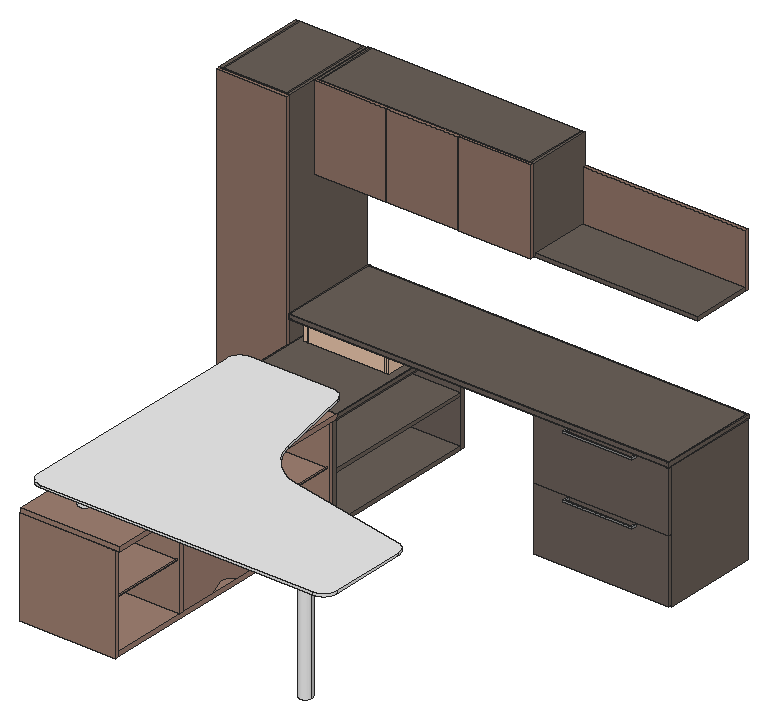
Revit family "T100240", category Furniture Systems, Revit 2022 (continued)
Definition of nested family "OFS STAKS HEIGHT ADJUSTABLE SWEEP TOP DESK 68x60 Top 22D Cabinet"
  Definition of nested family "APTOS SWEEP ELEVATED RUNOFF WORKSURFACE LEFT - WOOD TOP for 18D Cabinets"
    Dimensions and locks (in)
      "Depth": plane 5 "Front End" to plane 1 "Back End"
      equal spacing: plane 4 "Left End", plane 3 "Center Left/Right", plane 6 "Right End"
      "Width": plane 4 "Left End" to plane 6 "Right End"
      equal spacing: plane 5 "Front End", plane 9 "Center Front/Back", plane 1 "Back End"
      aligned and locked: level to plane 2
      aligned and locked: plane 7 "Height Top" to Extrusion 1
      aligned and locked: Extrusion 1 to plane 8
      aligned and locked: plane 7 "Height Top" to Extrusion 5
      aligned and locked: Extrusion 5 to plane 8
      aligned and locked: plane 7 "Height Top" to Extrusion 9
      aligned and locked: Extrusion 9 to plane 8
    Automatic sketch dimensions
      Extrusion 1 sketch curve to Extrusion 1 sketch curve = 0' - 2.92379"
      Extrusion 1 sketch curve to Extrusion 1 sketch curve = 0' - 3"  (x4)
      Extrusion 1 sketch curve to Extrusion 1 sketch curve = 0' - 9.59505"
      Sweep 2 sketch curve to profile plane = 0' - 0"  (x2)
      Sweep 2 sketch curve to profile plane = 0' - 2"
      Sweep 2 sketch curve to profile plane = 0' - 0 11/16"
      Extrusion 1 sketch curve to Extrusion 1 sketch curve = 1' - 6.06367"
      Extrusion 1 sketch curve to Extrusion 1 sketch curve = 0' - 2.20497"
      Extrusion 1 sketch curve to Extrusion 1 sketch curve = 0' - 9.49416"
      Extrusion 1 sketch curve to Extrusion 1 sketch curve = 2' - 3.31311"
      Extrusion 1 sketch curve to Extrusion 1 sketch curve = 0' - 0.55025"
      Extrusion 1 sketch curve to Extrusion 1 sketch curve = 0' - 11.69517"
      Extrusion 1 sketch curve to Extrusion 1 sketch curve = 1' - 1 105/128"
      Extrusion 1 sketch curve to Extrusion 1 sketch curve = 0' - 5.19882"
      Extrusion 1 sketch curve to Extrusion 1 sketch curve = 0' - 9.10884"
      Extrusion 1 sketch curve to Extrusion 1 sketch curve = 0' - 0 43/64"
      Extrusion 3 sketch curve to Extrusion 3 sketch curve = 0' - 2.92379"
      Extrusion 3 sketch curve to Extrusion 3 sketch curve = 0' - 3"  (x4)
      Extrusion 3 sketch curve to Extrusion 3 sketch curve = 0' - 9.59505"
      Sweep 4 sketch curve to profile plane = 0' - 0"  (x2)
      Sweep 4 sketch curve to profile plane = 0' - 2"
      Sweep 4 sketch curve to profile plane = 0' - 0 11/16"
      Extrusion 3 sketch curve to Extrusion 3 sketch curve = 1' - 6.06367"
      Extrusion 3 sketch curve to Extrusion 3 sketch curve = 0' - 2.20497"
      Extrusion 3 sketch curve to Extrusion 3 sketch curve = 0' - 9.49416"
      Extrusion 3 sketch curve to Extrusion 3 sketch curve = 2' - 3.31311"
      Extrusion 3 sketch curve to Extrusion 3 sketch curve = 0' - 0.55025"
      Extrusion 3 sketch curve to Extrusion 3 sketch curve = 0' - 11.69517"
      Extrusion 3 sketch curve to Extrusion 3 sketch curve = 1' - 1 105/128"
      Extrusion 3 sketch curve to Extrusion 3 sketch curve = 0' - 5.19882"
      Extrusion 3 sketch curve to Extrusion 3 sketch curve = 0' - 9.10884"
      Extrusion 3 sketch curve to Extrusion 3 sketch curve = 0' - 0 43/64"
      Extrusion 5 sketch curve to Extrusion 5 sketch curve = 0' - 2.91867"
      Extrusion 5 sketch curve to Extrusion 5 sketch curve = 0' - 3"  (x4)
      Sweep 6 sketch curve to profile plane = 0' - 0"
      Sweep 6 sketch curve to profile plane = 0' - 1 3/16"
      Sweep 6 sketch curve to profile plane = 0' - 2"
      Sweep 6 sketch curve to profile plane = 0' - 0 1/2"
      Extrusion 5 sketch curve to Extrusion 5 sketch curve = 1' - 6.06315"
      Extrusion 5 sketch curve to Extrusion 5 sketch curve = 0' - 3.73161"
      Extrusion 5 sketch curve to Extrusion 5 sketch curve = 0' - 9.34996"
      Extrusion 5 sketch curve to Extrusion 5 sketch curve = 2' - 1.9363"
      Extrusion 5 sketch curve to Extrusion 5 sketch curve = 0' - 0.58119"
      Extrusion 5 sketch curve to Extrusion 5 sketch curve = 0' - 11.6747"
      Extrusion 5 sketch curve to Extrusion 5 sketch curve = 1' - 1.81851"
      Extrusion 5 sketch curve to Extrusion 5 sketch curve = 0' - 5.23639"
      Extrusion 5 sketch curve to Extrusion 5 sketch curve = 0' - 8.99752"
      Extrusion 5 sketch curve to Extrusion 5 sketch curve = 1' - 3.00464"
      Extrusion 5 sketch curve to Extrusion 5 sketch curve = 0' - 2.30621"
      Extrusion 7 sketch curve to Extrusion 7 sketch curve = 0' - 2.91867"
      Extrusion 7 sketch curve to Extrusion 7 sketch curve = 0' - 3"  (x4)
      Sweep 8 sketch curve to profile plane = 0' - 0"
      Sweep 8 sketch curve to profile plane = 0' - 1 3/16"
      Sweep 8 sketch curve to profile plane = 0' - 2"
      Sweep 8 sketch curve to profile plane = 0' - 0 1/2"
      Extrusion 7 sketch curve to Extrusion 7 sketch curve = 1' - 6.06315"
      Extrusion 7 sketch curve to Extrusion 7 sketch curve = 0' - 3.73161"
      Extrusion 7 sketch curve to Extrusion 7 sketch curve = 0' - 9.34996"
      Extrusion 7 sketch curve to Extrusion 7 sketch curve = 2' - 1.9363"
      Extrusion 7 sketch curve to Extrusion 7 sketch curve = 0' - 0.58119"
      Extrusion 7 sketch curve to Extrusion 7 sketch curve = 0' - 11.6747"
      Extrusion 7 sketch curve to Extrusion 7 sketch curve = 1' - 1.81851"
      Extrusion 7 sketch curve to Extrusion 7 sketch curve = 0' - 5.23639"
      Extrusion 7 sketch curve to Extrusion 7 sketch curve = 0' - 8.99752"
      Extrusion 7 sketch curve to Extrusion 7 sketch curve = 1' - 3.00464"
      Extrusion 7 sketch curve to Extrusion 7 sketch curve = 0' - 2.30621"
      Extrusion 9 sketch curve to Extrusion 9 sketch curve = 0' - 2.94241"
      Extrusion 9 sketch curve to Extrusion 9 sketch curve = 0' - 0.58118"
      Sweep 10 sketch curve to profile plane = 0' - 1 3/16"
      Sweep 10 sketch curve to profile plane = 0' - 0"
      Sweep 10 sketch curve to profile plane = 0' - 2"
      Sweep 10 sketch curve to profile plane = 0' - 0 1/2"
      Extrusion 9 sketch curve to Extrusion 9 sketch curve = 0' - 3"  (x3)
      Extrusion 9 sketch curve to Extrusion 9 sketch curve = 1' - 6.06402"
      Extrusion 9 sketch curve to Extrusion 9 sketch curve = 0' - 3.60914"
      Extrusion 9 sketch curve to Extrusion 9 sketch curve = 0' - 9.44492"
      Extrusion 9 sketch curve to Extrusion 9 sketch curve = 2' - 1.93921"
      Extrusion 9 sketch curve to Extrusion 9 sketch curve = 0' - 0.58119"
      Extrusion 9 sketch curve to Extrusion 9 sketch curve = 0' - 11.76966"
      Extrusion 9 sketch curve to Extrusion 9 sketch curve = 1' - 4.81851"
      Extrusion 9 sketch curve to Extrusion 9 sketch curve = 0' - 5.23697"
      Extrusion 9 sketch curve to Extrusion 9 sketch curve = 0' - 9.43275"
      Extrusion 9 sketch curve to Extrusion 9 sketch curve = 1' - 5.56883"
      Extrusion 9 sketch curve to Extrusion 9 sketch curve = 0' - 2.41502"
      Extrusion 11 sketch curve to Extrusion 11 sketch curve = 0' - 2.94241"
      Extrusion 11 sketch curve to Extrusion 11 sketch curve = 0' - 0.58118"
      Sweep 12 sketch curve to profile plane = 0' - 1 3/16"
      Sweep 12 sketch curve to profile plane = 0' - 0"
      Sweep 12 sketch curve to profile plane = 0' - 2"
      Sweep 12 sketch curve to profile plane = 0' - 0 1/2"
      Extrusion 11 sketch curve to Extrusion 11 sketch curve = 0' - 3"  (x3)
      Extrusion 11 sketch curve to Extrusion 11 sketch curve = 1' - 6.06402"
      Extrusion 11 sketch curve to Extrusion 11 sketch curve = 0' - 3.60914"
      Extrusion 11 sketch curve to Extrusion 11 sketch curve = 0' - 9.44492"
      Extrusion 11 sketch curve to Extrusion 11 sketch curve = 2' - 1.93921"
      Extrusion 11 sketch curve to Extrusion 11 sketch curve = 0' - 0.58119"
      Extrusion 11 sketch curve to Extrusion 11 sketch curve = 0' - 11.76966"
      Extrusion 11 sketch curve to Extrusion 11 sketch curve = 1' - 4.81851"
      Extrusion 11 sketch curve to Extrusion 11 sketch curve = 0' - 5.23697"
      Extrusion 11 sketch curve to Extrusion 11 sketch curve = 0' - 9.43275"
      Extrusion 11 sketch curve to Extrusion 11 sketch curve = 1' - 5.56883"
      Extrusion 11 sketch curve to Extrusion 11 sketch curve = 0' - 2.41502"
  Definition of nested family "H4H"
    Parameters (values of type "H4H")
      Width = 1' - 10"
      URL = ""
      Depth = 0' - 6"
      Default Elevation = 0' - 0"
      Column Material [instance] = none
      Board Material [instance] = none
      Model = ""
      Manufacturer = ""
      Leg Caps Material [instance] = none
      Height = 1' - 10 7/8"
      Description = ""
      Copyright © = ""
      Catalog = ""
      Authoring Version = ""
      Assembly Code = ""
    Reference planes (in)
      plane 1 "Center Front/Back": y = 0
      plane 2: z = 0
      plane 3 "Center Left/Right": x = 0
      plane 4 "Height Top": z = 22.875
      plane 5: z = 21.875
      plane 6: z = 0.5
      plane 7: z = 1.5
      plane 8: y = 0
      plane 9: y = -0.75
      plane 10: y = -5.25
      plane 11: y = -6
      plane 12: x = -11
      plane 13: x = -10
      plane 14: x = 10
      plane 15: x = 11
    Forms (in)
      Extrusion 1, solid, material <- "Board Material"
        sketch origin (-17.58789, 78.5, 0) x (1, 0, 0) y (0, 1, 0)
          loop
            line (6.58789, -78.5) -> (6.58789, -84.5) -> (7.58789, -84.5) -> (7.58789, -78.5) -> (6.58789, -78.5)
        from 0.5 to 21.875
      Extrusion 2, solid, material <- "Board Material"
        sketch origin (15.08789, 78.5, 0) x (-1, 0, 0) y (0, -1, 0)
          loop
            line (4.08789, 78.5) -> (5.08789, 78.5) -> (5.08789, 84.5) -> (4.08789, 84.5) -> (4.08789, 78.5)
        from 0.5 to 21.875
      Extrusion 3, solid, material <- "Board Material"
        sketch origin (-17.58789, 78.5, 0) x (1, 0, 0) y (0, 1, 0)
          loop
            line (7.58789, -78.5) -> (7.58789, -79.25) -> (27.58789, -79.25) -> (27.58789, -78.5) -> (7.58789, -78.5)
        from 0.5 to 21.875
      Extrusion 4, solid, material <- "Board Material"
        sketch origin (-17.58789, -84.5, 0) x (1, 0, 0) y (0, 1, 0)
          loop
            line (7.58789, 78.5) -> (27.58789, 78.5) -> (27.58789, 79.25) -> (7.58789, 79.25) -> (7.58789, 78.5)
        from 0.5 to 21.875
      Extrusion 5, solid, material <- "Board Material"
        sketch origin (-17.58789, 78.5, 0) x (1, 0, 0) y (0, 1, 0)
          loop
            line (6.58789, -78.5) -> (6.58789, -84.5) -> (28.58788, -84.5) -> (28.58788, -78.5) -> (6.58789, -78.5)
        from 21.875 to 22.875
      Revolve 6, solid, material <- "Leg Caps Material"
        sketch origin (-35.97047, -3, 0) x (1, 0, 0) y (0, 0, -1)
          loop
            line (27, -0.28743) -> (27, -0.5) -> (28, -0.5) -> (28, 0) -> (27.5, 0)
            arc (27.5, 0) -> (27.35629, -0.14371) -> (27.5, -0.28743) r 0.14371
            line (27.5, -0.28743) -> (27, -0.28743)
          axis (28, -0.5) -> (28, 0)
        angle from 0 to 360
      Revolve 7, solid, material <- "Leg Caps Material"
        sketch origin (35.97047, -3, 0) x (-1, 0, 0) y (0, 0, 1)
          loop
            line (27, 0.28743) -> (27.5, 0.28743)
            arc (27.5, 0.28743) -> (27.35629, 0.14371) -> (27.5, 0) r 0.14371
            line (27.5, 0) -> (28, 0) -> (28, 0.5) -> (27, 0.5) -> (27, 0.28743)
          axis (28, 0.5) -> (28, 0)
        angle from 0 to 360
      Extrusion 8, solid, material <- "Board Material"
        sketch origin (-17.58789, 78.5, 0) x (1, 0, 0) y (0, 1, 0)
          loop
            line (7.58789, -79.25) -> (7.58789, -83.75) -> (27.58789, -83.75) -> (27.58789, -79.25) -> (7.58789, -79.25)
        from 0.5 to 1.5
    Dimensions and locks (in)
      "Height": plane 4 "Height Top" to level
      plane 4 "Height Top" to plane 5 = 0' - 1"
      locked: plane 7 to plane 6 at 1
      plane 6 to level = 0' - 0 1/2"
      "Width": plane 12 to plane 15
      "Depth": plane 1 "Center Front/Back" to plane 11
      aligned and locked: level to plane 2
      aligned and locked: Extrusion 4 to plane 6
      aligned and locked: Extrusion 1 to plane 6
      aligned and locked: Extrusion 2 to plane 6
      aligned and locked: Extrusion 8 to plane 6
      aligned and locked: Extrusion 3 to plane 6
      aligned and locked: plane 7 to Extrusion 8
      aligned and locked: Extrusion 8 to plane 14
      aligned and locked: plane 4 "Height Top" to Extrusion 5
      aligned and locked: Extrusion 5 to plane 5
      aligned and locked: plane 5 to Extrusion 4
      aligned and locked: plane 5 to Extrusion 3
      aligned and locked: plane 5 to Extrusion 1
      aligned and locked: plane 5 to Extrusion 2
    Automatic sketch dimensions
      Extrusion 1 sketch curve to plane 11 = 0' - 0"
      Extrusion 1 sketch curve to plane 12 = 0' - 0"
      Extrusion 1 sketch curve to plane 13 = 0' - 0"
      Extrusion 1 sketch curve to plane 8 = 0' - 0"
      Extrusion 2 sketch curve to plane 11 = 0' - 0"
      Extrusion 2 sketch curve to plane 15 = 0' - 0"
      Extrusion 2 sketch curve to plane 14 = 0' - 0"
      Extrusion 2 sketch curve to plane 8 = 0' - 0"
      Extrusion 3 sketch curve to plane 9 = 0' - 0"
      Extrusion 3 sketch curve to plane 13 = 0' - 0"
      Extrusion 3 sketch curve to plane 14 = 0' - 0"
      Extrusion 3 sketch curve to plane 8 = 0' - 0"
      Extrusion 4 sketch curve to plane 13 = 0' - 0"
      Extrusion 4 sketch curve to plane 14 = 0' - 0"
      Extrusion 4 sketch curve to plane 11 = 0' - 0"
      plane 10 to Extrusion 4 sketch curve = 0' - 0"
      Extrusion 5 sketch curve to plane 11 = 0' - 0"
      Extrusion 5 sketch curve to plane 12 = 0' - 0"
      Extrusion 5 sketch curve to plane 15 = 0' - 0"
      Extrusion 5 sketch curve to plane 8 = 0' - 0"
      Revolve 6 sketch curve to plane 6 = 0' - 0"
      Revolve 6 sketch curve to level = 0' - 0"
      level to Revolve 6 sketch curve = 0' - 0.28743"
      Revolve 6 sketch curve to plane 13 = 0' - 1.02953"
      Revolve 6 sketch curve to Revolve 6 sketch curve = 0' - 0 1/2"  (x2)
      Revolve 6 sketch curve to Revolve 6 sketch curve = 0' - 0"  (x3)
      Revolve 6 sketch curve to plane 7 = 0' - 0 1/4"
      Revolve 6 sketch curve to level = 0' - 0 1/2"
      Revolve 7 sketch curve to plane 6 = 0' - 0"
      Revolve 7 sketch curve to level = 0' - 0"
      level to Revolve 7 sketch curve = 0' - 0.28743"
      plane 14 to Revolve 7 sketch curve = 0' - 1.02953"
      Revolve 7 sketch curve to Revolve 7 sketch curve = 0' - 0 1/2"  (x2)
      Revolve 7 sketch curve to Revolve 7 sketch curve = 0' - 0"  (x2)
      Revolve 7 sketch curve to level = 0' - 0 1/2"
      Revolve 7 sketch curve to Revolve 7 sketch curve = 0' - 0.14371"
      Revolve 7 sketch curve to plane 7 = 0' - 0 1/4"
      Extrusion 8 sketch curve to plane 13 = 0' - 0"
      Extrusion 8 sketch curve to plane 9 = 0' - 0"
      Extrusion 8 sketch curve to plane 10 = 0' - 0"
      plane 14 to Extrusion 8 sketch curve = 0' - 0"
Definition of nested family "STAKS RECTANGULAR WORKSURFACES Long Grain"
  Parameters (values of type "STAKS RECTANGULAR WORKSURFACE 15.625 x 22")
    URL = "http://www.ofs.com/"
    Height Above Floor [instance] = 2' - 5"
    Height = 0' - 1 1/8"
    Depth = 1' - 10"
    Model = "6-MCT-15.625/22"
    Manufacturer = "OFS"
    Description = "OFS STAKS 15.625 X 22 RECTANGULAR WORKSURFACE For Worksurface or Low Height Applications, Long Grain"
    Width = 1' - 3 5/8"
    Default Elevation = 0' - 0"
    Copyright © = "© 2018 OFS"
    Catalog = "https://ofs.com/products/casegoods/private-office/staks"
    Authoring Version = "Autodesk Revit Architecture 2013"
    Assembly Code = "E2020200"
  Types (26): name | Model | Description | Width
    STAKS RECTANGULAR WORKSURFACE 15.625 x 22 | "6-MCT-15.625/22" | "OFS STAKS 15.625 X 22 RECTANGULAR WORKSURFACE For Worksurface or Low Height Applications, Long Grain" | 1' - 3 5/8"
    STAKS RECTANGULAR WORKSURFACE 24 x 22 | "6-MCT-24/22" | "OFS STAKS 24 X 22 RECTANGULAR WORKSURFACE For Worksurface or Low Height Applications, Long Grain" | 2' - 0"
    STAKS RECTANGULAR WORKSURFACE 30 x 22 | "6-MCT-30/22" | "OFS STAKS 30 X 22 RECTANGULAR WORKSURFACE For Worksurface or Low Height Applications, Long Grain" | 2' - 6"
    STAKS RECTANGULAR WORKSURFACE 34 x 22 | "6-MCT-34/22" | "OFS STAKS 34 X 22 RECTANGULAR WORKSURFACE For Worksurface or Low Height Applications, Long Grain" | 2' - 10"
    STAKS RECTANGULAR WORKSURFACE 36 x 22 | "6-MCT-36/22" | "OFS STAKS 36 X 22 RECTANGULAR WORKSURFACE For Worksurface or Low Height Applications, Long Grain" | 3' - 0"
    STAKS RECTANGULAR WORKSURFACE 42 x 22 | "6-MCT-42/22" | "OFS STAKS 42 X 22 RECTANGULAR WORKSURFACE For Worksurface or Low Height Applications, Long Grain" | 3' - 6"
    STAKS RECTANGULAR WORKSURFACE 46 x 22 | "6-MCT-46/22" | "OFS STAKS 46 X 22 RECTANGULAR WORKSURFACE For Worksurface or Low Height Applications, Long Grain" | 3' - 10"
    STAKS RECTANGULAR WORKSURFACE 48 x 22 | "6-MCT-48/22" | "OFS STAKS 48 X 22 RECTANGULAR WORKSURFACE For Worksurface or Low Height Applications, Long Grain" | 4' - 0"
    STAKS RECTANGULAR WORKSURFACE 48.5 x 22 | "6-MCT-48.5/22" | "OFS STAKS 48.5 X 22 RECTANGULAR WORKSURFACE For Worksurface or Low Height Applications, Long Grain" | 4' - 0 1/2"
    STAKS RECTANGULAR WORKSURFACE 54 x 22 | "6-MCT-54/22" | "OFS STAKS 54 X 22 RECTANGULAR WORKSURFACE For Worksurface or Low Height Applications, Long Grain" | 4' - 6"
    STAKS RECTANGULAR WORKSURFACE 55.5 x 22 | "6-MCT-55.5/22" | "OFS STAKS 55.5 X 22 RECTANGULAR WORKSURFACE For Worksurface or Low Height Applications, Long Grain" | 4' - 7 1/2"
    STAKS RECTANGULAR WORKSURFACE 59 x 22 | "6-MCT-59/22" | "OFS STAKS 59 X 22 RECTANGULAR WORKSURFACE For Worksurface or Low Height Applications, Long Grain" | 4' - 11"
    STAKS RECTANGULAR WORKSURFACE 60 x 22 | "6-MCT-60/22" | "OFS STAKS 60 X 22 RECTANGULAR WORKSURFACE For Worksurface or Low Height Applications, Long Grain" | 5' - 0"
    STAKS RECTANGULAR WORKSURFACE 64 x 22 | "6-MCT-64/22" | "OFS STAKS 64 X 22 RECTANGULAR WORKSURFACE For Worksurface or Low Height Applications, Long Grain" | 5' - 4"
    STAKS RECTANGULAR WORKSURFACE 66 x 22 | "6-MCT-66/22" | "OFS STAKS 66 X 22 RECTANGULAR WORKSURFACE For Worksurface or Low Height Applications, Long Grain" | 5' - 6"
    STAKS RECTANGULAR WORKSURFACE 69.625 x 22 | "6-MCT-69.625/22" | "OFS STAKS 69.625 X 22 RECTANGULAR WORKSURFACE For Worksurface or Low Height Applications, Long Grain" | 5' - 9 5/8"
    STAKS RECTANGULAR WORKSURFACE 70.5 x 22 | "6-MCT-70.5/22" | "OFS STAKS 70.5 X 22 RECTANGULAR WORKSURFACE For Worksurface or Low Height Applications, Long Grain" | 5' - 10 1/2"
    STAKS RECTANGULAR WORKSURFACE 72 x 22 | "6-MCT-72/22" | "OFS STAKS 72 X 22 RECTANGULAR WORKSURFACE For Worksurface or Low Height Applications, Long Grain" | 6' - 0"
    STAKS RECTANGULAR WORKSURFACE 74 x 22 | "6-MCT-74/22" | "OFS STAKS 74 X 22 RECTANGULAR WORKSURFACE For Worksurface or Low Height Applications, Long Grain" | 6' - 2"
    STAKS RECTANGULAR WORKSURFACE 78 x 22 | "6-MCT-78/22" | "OFS STAKS 78 X 22 RECTANGULAR WORKSURFACE For Worksurface or Low Height Applications, Long Grain" | 6' - 6"
    STAKS RECTANGULAR WORKSURFACE 82.5 x 22 | "6-MCT-82.5/22" | "OFS STAKS 82.5 X 22 RECTANGULAR WORKSURFACE For Worksurface or Low Height Applications, Long Grain" | 6' - 10 1/2"
    STAKS RECTANGULAR WORKSURFACE 84 x 22 | "6-MCT-84/22" | "OFS STAKS 84 X 22 RECTANGULAR WORKSURFACE For Worksurface or Low Height Applications, Long Grain" | 7' - 0"
    STAKS RECTANGULAR WORKSURFACE 87.625 x 22 | "6-MCT-87.625/22" | "OFS STAKS 87.625 X 22 RECTANGULAR WORKSURFACE For Worksurface or Low Height Applications, Long Grain" | 7' - 3 5/8"
    STAKS RECTANGULAR WORKSURFACE 90 x 22 | "6-MCT-90/22" | "OFS STAKS 90 X 22 RECTANGULAR WORKSURFACE For Worksurface or Low Height Applications, Long Grain" | 7' - 6"
    STAKS RECTANGULAR WORKSURFACE 94 x 22 | "6-MCT-94/22" | "OFS STAKS 94 X 22 RECTANGULAR WORKSURFACE For Worksurface or Low Height Applications, Long Grain" | 7' - 10"
    STAKS RECTANGULAR WORKSURFACE 96 x 22 | "6-MCT-96/22" | "OFS STAKS 96 X 22 RECTANGULAR WORKSURFACE For Worksurface or Low Height Applications, Long Grain" | 8' - 0"
  Reference planes (in)
    plane 1: z = -0.125
    plane 2 "LEFT": x = 7.55498
    plane 3 "RIGHT": x = 23.17998
    plane 4 "BACK": y = -1.83365
    plane 5 "FRONT": y = -23.83365
    plane 6: x = 7.67998
    plane 7: x = 23.05498
    plane 8: y = -1.95865
    plane 9: y = -23.70865
    plane 10: z = 27.75
    plane 11 "SURFACE TOP": z = 28.875
  Forms (in)
    Extrusion 1, solid
      sketch origin (0, 0, 17.125) x (-1, 0, 0) y (0, -1, 0)
        loop
          line (-7.67998, 1.95865) -> (-7.67998, 23.70865) -> (-23.05498, 23.70865) -> (-23.05498, 1.95865) -> (-7.67998, 1.95865)
      from 11.75 to 10.625
    Sweep 2, solid
      path origin (0, 0, 28.875) x (0, 1, 0) y (-1, 0, 0)
        loop
          line (-23.83365, -7.55498) -> (-23.83365, -23.17998) -> (-1.83365, -23.17998) -> (-1.83365, -7.55498) -> (-23.83365, -7.55498)
      profile origin (15.36748, -23.83365, 28.875) x (0, 1, 0) y (0, 0, 1)
        loop
          arc (0.125, 0) -> (0.03661, -0.03661) -> (0, -0.125) r 0.125
          line (0, -0.125) -> (0, -1)
          arc (0, -1) -> (0.03661, -1.08839) -> (0.125, -1.125) r 0.125
          line (0.125, -1.125) -> (0.125, 0)
  Lines and regions (in)
    Masking region 1
      outline origin (0, 0, 16.625) x (-1, 0, 0) y (0, -1, 0)
        loop
          line (-7.67998, 1.95865) -> (-7.55498, 1.83365) -> (-7.55498, 23.83365) -> (-7.67998, 23.70865) -> (-7.67998, 1.95865)
    Masking region 2
      outline origin (0, 0, 16.625) x (-1, 0, 0) y (0, -1, 0)
        loop
          line (-7.55498, 1.83365) -> (-7.67998, 1.95865) -> (-23.05498, 1.95865) -> (-23.17998, 1.83365) -> (-7.55498, 1.83365)
    Masking region 3
      outline origin (0, 0, 16.625) x (-1, 0, 0) y (0, -1, 0)
        loop
          line (-23.17998, 1.83365) -> (-23.05498, 1.95865) -> (-23.05498, 23.70865) -> (-23.17998, 23.83365) -> (-23.17998, 1.83365)
    Masking region 4
      outline origin (0, 0, 16.625) x (-1, 0, 0) y (0, -1, 0)
        loop
          line (-23.17998, 23.83365) -> (-23.05498, 23.70865) -> (-7.67998, 23.70865) -> (-7.55498, 23.83365) -> (-23.17998, 23.83365)
    Masking region 5
      outline origin (0, 0, 16.625) x (-1, 0, 0) y (0, -1, 0)
        loop
          line (-23.05498, 23.70865) -> (-23.05498, 1.95865) -> (-7.67998, 1.95865) -> (-7.67998, 23.70865) -> (-23.05498, 23.70865)
  Dimensions and locks (in)
    "Depth": plane 4 "BACK" to plane 5 "FRONT"
    "Width": plane 2 "LEFT" to plane 3 "RIGHT"
    "Height": plane 11 "SURFACE TOP" to plane 10
    locked: plane 4 "BACK" to plane 8 at 0.125
    locked: plane 2 "LEFT" to plane 6 at 0.125
    locked: plane 7 to plane 3 "RIGHT" at 0.125
    locked: plane 9 to plane 5 "FRONT" at 0.125
    "Height Above Floor": plane 11 "SURFACE TOP" to level
    aligned: level to plane 1
    aligned and locked: plane 8 to Extrusion 1 sketch curve
    aligned and locked: Extrusion 1 sketch curve to plane 6
    aligned and locked: Extrusion 1 sketch curve to plane 9
    aligned and locked: plane 7 to Extrusion 1 sketch curve
    aligned and locked: plane 11 "SURFACE TOP" to Extrusion 1
    aligned and locked: Extrusion 1 to plane 10
    aligned and locked: Sweep 2 sketch curve to plane 5 "FRONT"
    aligned and locked: Sweep 2 sketch curve to plane 2 "LEFT"
    aligned and locked: plane 4 "BACK" to Sweep 2 sketch curve
    aligned and locked: plane 3 "RIGHT" to Sweep 2 sketch curve
  Automatic sketch dimensions
    Masking region 1 sketch curve to plane 6 = 0' - 0"
    Masking region 1 sketch curve to plane 2 "LEFT" = 0' - 0"
    Masking region 1 sketch curve to plane 4 "BACK" = 0' - 0"
    Masking region 1 sketch curve to plane 8 = 0' - 0"
    Masking region 1 sketch curve to plane 9 = 0' - 0"
    Masking region 1 sketch curve to plane 5 "FRONT" = 0' - 0"
    Masking region 2 sketch curve to plane 3 "RIGHT" = 0' - 0"
    Masking region 2 sketch curve to plane 7 = 0' - 0"
    Masking region 2 sketch curve to plane 6 = 0' - 0"
    Masking region 2 sketch curve to plane 2 "LEFT" = 0' - 0"
    Masking region 2 sketch curve to plane 4 "BACK" = 0' - 0"
    Masking region 2 sketch curve to plane 8 = 0' - 0"
    Masking region 3 sketch curve to plane 3 "RIGHT" = 0' - 0"
    Masking region 3 sketch curve to plane 7 = 0' - 0"
    Masking region 3 sketch curve to plane 4 "BACK" = 0' - 0"
    Masking region 3 sketch curve to plane 8 = 0' - 0"
    Masking region 3 sketch curve to plane 9 = 0' - 0"
    Masking region 3 sketch curve to plane 5 "FRONT" = 0' - 0"
    Masking region 4 sketch curve to plane 3 "RIGHT" = 0' - 0"
    Masking region 4 sketch curve to plane 7 = 0' - 0"
    Masking region 4 sketch curve to plane 6 = 0' - 0"
    Masking region 4 sketch curve to plane 2 "LEFT" = 0' - 0"
    Masking region 4 sketch curve to plane 9 = 0' - 0"
    Masking region 4 sketch curve to plane 5 "FRONT" = 0' - 0"
    Masking region 5 sketch curve to plane 7 = 0' - 0"
    Masking region 5 sketch curve to plane 6 = 0' - 0"
    Masking region 5 sketch curve to plane 8 = 0' - 0"
    Masking region 5 sketch curve to plane 9 = 0' - 0"
    Sweep 2 sketch curve to profile plane = 0' - 0"
    Sweep 2 sketch curve to plane 11 "SURFACE TOP" = 0' - 0"
    Sweep 2 sketch curve to profile plane = 0' - 0 1/8"
    Sweep 2 sketch curve to Sweep 2 sketch curve = 0' - 0 7/8"
Definition of nested family "STAKS LOW HEIGHT OPEN SHELF PEDESTAL - NO RISER SUPPORT"
  Parameters (values of type "STAKS LOW HEIGHT OPEN SHELF PEDESTAL - NO RISER SUPPORT 24 x 19")
    URL = "http://www.ofs.com/"
    Riser Support = 0' - 0"
    Model = "6-NL2419MPD6"
    Manufacturer = "OFS"
    Height = 1' - 9 7/8"
    Drawer Material = none
    Drawer Handle Width = 0' - 5.2495"
    Drawer Handle Material = none
    Description = "OFS STAKS LOW HEIGHT OPEN SHELF PEDESTAL - NO RISER SUPPORT 24\"W x 19\" D, One Adjustable Shelf, One Stationary Shelf, Use with 22\"D Worksurfaces"
    Width = 2' - 0"
    Depth = 1' - 7 3/8"
    Default Elevation = 0' - 0"
    DH2 = 0' - 6 1/2"
    DH1 = 0' - 11 1/2"
    Copyright © = "© 2018 OFS"
    Chasis Material = none
    Catalog = "https://ofs.com/products/casegoods/private-office/staks"
    Board Thickness = 0' - 0 3/4"
    Authoring Version = "Autodesk Revit Architecture 2013"
    Assembly Code = "E2020200"
  Types (6): name | Model | Drawer Handle Width | Description | Width | Depth
    STAKS LOW HEIGHT OPEN SHELF PEDESTAL - NO RISER SUPPORT 24 x 19 | "6-NL2419MPD6" | 0' - 5.2495" | "OFS STAKS LOW HEIGHT OPEN SHELF PEDESTAL - NO RISER SUPPORT 24\"W x 19\" D, One Adjustable Shelf, One Stationary Shelf, Use with 22\"D Worksurfaces" | 2' - 0" | 1' - 7 3/8"
    STAKS LOW HEIGHT OPEN SHELF PEDESTAL - NO RISER SUPPORT 24 x 22 | "6-NL2422MPD6" | 0' - 5 1/4" | "OFS STAKS LOW HEIGHT OPEN SHELF PEDESTAL - NO RISER SUPPORT 24\"W x 22\" D, One Adjustable Shelf, One Stationary Shelf, Use with 22\"D Worksurfaces" | 2' - 0" | 1' - 9 7/8"
    STAKS LOW HEIGHT OPEN SHELF PEDESTAL - NO RISER SUPPORT 30 x 19 | "6-NL3019MPD6" | 0' - 5 1/4" | "OFS STAKS LOW HEIGHT OPEN SHELF PEDESTAL - NO RISER SUPPORT 30\"W x 19\" D, One Adjustable Shelf, One Stationary Shelf, Use with 22\"D Worksurfaces" | 2' - 6" | 1' - 7 3/8"
    STAKS LOW HEIGHT OPEN SHELF PEDESTAL - NO RISER SUPPORT 30 x 22 | "6-NL3022MPD6" | 0' - 5 1/4" | "OFS STAKS LOW HEIGHT OPEN SHELF PEDESTAL - NO RISER SUPPORT 30\"W x 22\" D, One Adjustable Shelf, One Stationary Shelf, Use with 22\"D Worksurfaces" | 2' - 6" | 1' - 9 7/8"
    STAKS LOW HEIGHT OPEN SHELF PEDESTAL - NO RISER SUPPORT 36 x 22 | "6-NL3622MPD6" | 0' - 5 1/4" | "OFS STAKS LOW HEIGHT OPEN SHELF PEDESTAL - NO RISER SUPPORT 36\"W x 22\" D, One Adjustable Shelf, One Stationary Shelf, Use with 22\"D Worksurfaces" | 3' - 0" | 1' - 9 7/8"
    STAKS LOW HEIGHT OPEN SHELF PEDESTAL - NO RISER SUPPORT 36 x 19 | "6-NL2419MPD6" | 0' - 5 1/4" | "OFS STAKS LOW HEIGHT OPEN SHELF PEDESTAL - NO RISER SUPPORT 36\"W x 19\" D, One Adjustable Shelf, One Stationary Shelf, Use with 22\"D Worksurfaces" | 3' - 0" | 1' - 7 3/8"
  Reference planes (in)
    plane 1: z = 0
    plane 2 "Right": x = 20.97711
    plane 3: z = 21.875
    plane 4: z = 11.5
    plane 5: z = 11.375
    plane 6: z = 0
    plane 7: z = 11.125
    plane 8: z = 21.625
    plane 9: z = 10.656
    plane 10: z = 21.15625
    plane 11: x = 8.97711
    plane 12: y = 1.37535
    plane 13: y = 0.62535
    plane 14: x = 9.03961
    plane 15: x = 32.91411
    plane 16: x = 9.72711
    plane 17: y = 20.00035
    plane 18: x = 32.97711
    plane 19: x = 32.22711
    plane 20: y = -0.18715
    plane 21: y = -0.37465
    plane 22: z = 18
    plane 23: z = 17.875
    plane 24: z = 17.625
    plane 25: z = 17.156
    plane 26: z = 0.25
    plane 27: y = 19.25035
    plane 28: z = 0.75
    plane 29: y = 16.75035
    plane 30: y = 4.37535
    plane 31: y = 8.37535
    plane 32: y = 12.75035
    plane 33: y = 5.00035
    plane 34: y = 13.37535
    plane 35: z = 22
    plane 36: z = 18.375
    plane 37: x = 21.35211
    plane 38: x = 20.60211
    plane 39: x = 21.00836
    plane 40: x = 20.94586
    plane 41: x = 14.99274
    plane 42: x = 17.61749
    plane 43: x = 12.36799
    plane 44: x = 12.74299
    plane 45: x = 17.24249
    plane 46: x = 26.96124
    plane 47: x = 24.33649
    plane 48: x = 29.58599
    plane 49: x = 29.21099
    plane 50: x = 24.71149
  Forms (in)
    Extrusion 1, solid, material <- "Chasis Material"
      sketch origin (-3, -1.24965, 0) x (1, 0, 0) y (0, 0, 1)
        loop
          line (11.97711, 0) -> (12.72711, 0) -> (12.72711, 21.875) -> (11.97711, 21.875) -> (11.97711, 0)
      from -21.25 to -2.625
    Extrusion 2, solid, material <- "Chasis Material"
      sketch origin (19.35211, 31.02324, 0) x (0, 1, 0) y (0, 0, 1)
        loop
          line (-11.77289, 0) -> (-11.02289, 0) -> (-11.02289, 21.875) -> (-11.77289, 21.875) -> (-11.77289, 0)
      from -9.625 to 12.875
    Extrusion 3, solid, material <- "Chasis Material"
      sketch origin (0, 0, 0) x (1, 0, 0) y (0, 1, 0)
        loop
          line (32.97711, 20.00035) -> (32.22711, 20.00035) -> (32.22711, 1.37535) -> (32.97711, 1.37535) -> (32.97711, 20.00035)
      from 0 to 21.875
    Extrusion 4, solid, material <- "Chasis Material"
      sketch origin (-29.79592, -1.62465, 7.24693) x (1, 0, 0) y (0, 0, 1)
        loop
          line (39.52304, 13.90932) -> (62.02304, 13.90932) -> (62.02304, 14.62807) -> (39.52304, 14.62807) -> (39.52304, 13.90932)
      from -20.875 to -3
    Extrusion 5, solid, material <- "Chasis Material"
      sketch origin (-31.5409, -1.62465, -42.72261) x (1, 0, 0) y (0, 0, 1)
        loop
          line (41.26801, 42.72261) -> (63.76801, 42.72261) -> (63.76801, 43.47261) -> (41.26801, 43.47261) -> (41.26801, 42.72261)
      from -20.875 to -3
    Extrusion 6, solid
      sketch origin (0, 0, 0) x (1, 0, 0) y (0, 1, 0)
        loop
          line (9.03961, 20.00035) -> (9.03961, 1.62535) -> (32.91411, 1.62535) -> (32.91411, 20.00035) -> (9.03961, 20.00035)
        loop
          line (32.22711, 2.37535) -> (32.22711, 10.12535) -> (9.72711, 10.12535) -> (9.72711, 2.37535) -> (32.22711, 2.37535)
        loop
          line (32.22711, 10.75035) -> (32.22711, 19.25035) -> (9.72711, 19.25035) -> (9.72711, 10.75035) -> (32.22711, 10.75035)
      from 21.875 to 22
    Extrusion 7, solid, material <- "Chasis Material"
      sketch origin (41.95422, 1.87535, 0) x (-1, 0, 0) y (0, 0, -1)
        loop
          line (9.72711, -11.375) -> (32.22711, -11.375) -> (32.22711, -10.656) -> (9.72711, -10.656) -> (9.72711, -11.375)
      from -17.375 to 0.5
  Dimensions and locks (in)
    "Board Thickness": plane 13 to plane 12
    locked: plane 11 to plane 14 at 0.0625
    "Board Thickness": plane 11 to plane 16
    locked: plane 15 to plane 18 at 0.063
    "Width": plane 11 to plane 18
    Extrusion 3 sketch curve to plane 18 = 0' - 0 3/4"
    "Board Thickness": plane 19 to plane 18
    equal spacing: plane 11, plane 2 "Right", plane 18
    plane 21 to plane 20 to plane 13 = 0' - 0 3/16" locked, 0' - 0 13/16" locked
    "Riser Support": plane 6 to level
    "Height": plane 3 to plane 6
    "DH1": plane 4 to plane 6
    "DH2": plane 22 to plane 4
    locked: plane 26 to plane 6 at 0.25
    "Board Thickness": plane 27 to plane 17
    "Depth": plane 13 to plane 17
    plane 4 to plane 5 to plane 7 to plane 9 = 0' - 0 1/8" locked, 0' - 0 1/4" locked, 0' - 0.469" locked
    plane 22 to plane 23 to plane 24 to plane 25 = 0' - 0 1/8" locked, 0' - 0 1/4" locked, 0' - 0.469" locked
    plane 3 to plane 8 to plane 10 = 0' - 0 1/4" locked, 0' - 0 15/32" locked
    "Board Thickness": plane 28 to plane 6
    plane 12 to plane 30 to plane 31 = 0' - 3" locked, 0' - 4" locked
    plane 32 to plane 29 to plane 27 = 0' - 4" locked, 0' - 2 1/2" locked
    locked: plane 30 to plane 33 at 0.625
    locked: plane 32 to plane 34 at 0.625
    locked: plane 35 to plane 3 at 0.125
    "Board Thickness": plane 36 to plane 24
    equal spacing: plane 38, plane 2 "Right", plane 37
    "Board Thickness": plane 38 to plane 37
    equal spacing: plane 40, plane 2 "Right", plane 39
    equal spacing: plane 14, plane 41, plane 40
    equal spacing: plane 43, plane 41, plane 42
    "Drawer Handle Width": plane 43 to plane 42
    locked: plane 43 to plane 44 at 0.375
    locked: plane 45 to plane 42 at 0.375
    equal spacing: plane 15, plane 46, plane 39
    equal spacing: plane 48, plane 46, plane 47
    "Drawer Handle Width": plane 48 to plane 47
    locked: plane 48 to plane 49 at 0.375
    locked: plane 50 to plane 47 at 0.375
    aligned and locked: level to plane 1
    aligned and locked: plane 12 to Extrusion 1
    aligned and locked: Extrusion 1 to plane 17
    aligned and locked: Extrusion 2 to plane 16
    aligned and locked: plane 16 to Extrusion 1
    aligned and locked: Extrusion 1 to plane 11
    aligned and locked: Extrusion 2 to plane 17
    aligned and locked: plane 19 to Extrusion 2
    aligned and locked: plane 3 to Extrusion 1
    aligned and locked: plane 3 to Extrusion 2
    aligned and locked: Extrusion 3 to plane 19
    aligned and locked: plane 3 to Extrusion 3
    aligned and locked: Extrusion 3 to plane 6
    aligned and locked: plane 3 to Extrusion 4
    aligned and locked: Extrusion 4 to plane 10
    aligned and locked: plane 19 to Extrusion 4
    aligned and locked: Extrusion 4 to plane 16
    aligned and locked: plane 28 to Extrusion 5
    aligned and locked: Extrusion 5 to plane 6
    aligned and locked: Extrusion 5 to plane 27
    aligned and locked: plane 12 to Extrusion 5
    aligned and locked: plane 19 to Extrusion 5
    aligned and locked: Extrusion 5 to plane 16
    aligned and locked: Extrusion 6 to plane 3
    aligned and locked: plane 35 to Extrusion 6
    aligned and locked: Extrusion 4 to plane 27
    aligned and locked: plane 12 to Extrusion 4
    aligned and locked: Extrusion 7 to plane 9
    aligned and locked: plane 5 to Extrusion 7
    aligned and locked: plane 19 to Extrusion 7
    aligned and locked: Extrusion 7 to plane 27
    aligned and locked: plane 12 to Extrusion 7
    aligned and locked: Extrusion 6 sketch curve to plane 17
    aligned and locked: Extrusion 6 sketch curve to plane 27
    aligned and locked: plane 16 to Extrusion 6 sketch curve
    aligned and locked: plane 19 to Extrusion 6 sketch curve
    aligned and locked: Extrusion 2 to plane 6
    aligned and locked: Extrusion 1 to plane 6
    aligned and locked: Extrusion 7 to plane 16
  Automatic sketch dimensions
    level to Extrusion 1 sketch curve = 0' - 0"
    Extrusion 1 sketch curve to plane 11 = 0' - 0"
    Extrusion 1 sketch curve to plane 3 = 0' - 0"
    Extrusion 1 sketch curve to plane 16 = 0' - 0"
    level to Extrusion 2 sketch curve = 0' - 0"
    Extrusion 2 sketch curve to plane 3 = 0' - 0"
    Extrusion 2 sketch curve to plane 17 = 0' - 0"
    plane 27 to Extrusion 2 sketch curve = 0' - 0"
    plane 12 to Extrusion 3 sketch curve = 0' - 0"
    Extrusion 3 sketch curve to plane 18 = 0' - 0"
    plane 17 to Extrusion 3 sketch curve = 0' - 0"
    Extrusion 4 sketch curve to plane 10 = 0' - 0"
    Extrusion 4 sketch curve to plane 16 = 0' - 0"
    Extrusion 4 sketch curve to plane 3 = 0' - 0"
    Extrusion 4 sketch curve to plane 19 = 0' - 0"
    level to Extrusion 5 sketch curve = 0' - 0"
    Extrusion 5 sketch curve to plane 16 = 0' - 0"
    Extrusion 5 sketch curve to plane 19 = 0' - 0"
    Extrusion 5 sketch curve to plane 28 = 0' - 0"
    Extrusion 7 sketch curve to plane 9 = 0' - 0"
    Extrusion 7 sketch curve to plane 19 = 0' - 0"
    Extrusion 7 sketch curve to plane 37 = 0' - 11 5/8"
    Extrusion 7 sketch curve to plane 5 = 0' - 0"
    Extrusion 6 sketch curve to plane 14 = 0' - 0"
    Extrusion 6 sketch curve to plane 16 = 0' - 0"
    Extrusion 6 sketch curve to plane 19 = 0' - 0"
    Extrusion 6 sketch curve to plane 15 = 0' - 0"
    plane 32 to Extrusion 6 sketch curve = 0' - 2 5/8"
    plane 34 to Extrusion 6 sketch curve = 0' - 2 5/8"
    Extrusion 6 sketch curve to plane 13 = 0' - 1"
    Extrusion 6 sketch curve to plane 12 = 0' - 1"
Definition of nested family "STAKS WORKSURFACE HEIGHT PEDESTAL WIDE - FILE-FILE - NO RISER SUPPORT"
  Parameters (values of type "STAKS WORKSURFACE HEIGHT PEDESTAL WIDE - OPEN-BOX-FILE - NO RISER SUPPORT 24 x 19")
    URL = "http://www.ofs.com/"
    Riser Support = 0' - 0"
    Model = "6-NW2419MPD3"
    Manufacturer = "OFS"
    Height = 2' - 3 7/8"
    Drawer Material = none
    Drawer Handle Width = 1' - 3 1/8"
    Drawer Handle Material = none
    Description = "OFS STAKS WORKSURFACE HEIGHT PEDESTAL WIDE - OPEN-BOX-FILE - NO RISER SUPPORT 24\" W x 19\" D, Two Lateral File Drawers, Use with 22\"D Worksurfaces"
    Width = 2' - 0"
    Depth = 1' - 7 3/8"
    Default Elevation = 0' - 0"
    DH2 = 0' - 6 1/2"
    DH1 = 1' - 2 3/8"
    Copyright © = "© 2018 OFS"
    Chasis Material = none
    Catalog = "https://ofs.com/products/casegoods/private-office/staks"
    Board Thickness = 0' - 0 3/4"
    Authoring Version = "Autodesk Revit Architecture 2013"
    Assembly Code = "E2020200"
  Types (6): name | Model | Description | Width | Depth
    STAKS WORKSURFACE HEIGHT PEDESTAL WIDE - OPEN-BOX-FILE - NO RISER SUPPORT 24 x 19 | "6-NW2419MPD3" | "OFS STAKS WORKSURFACE HEIGHT PEDESTAL WIDE - OPEN-BOX-FILE - NO RISER SUPPORT 24\" W x 19\" D, Two Lateral File Drawers, Use with 22\"D Worksurfaces" | 2' - 0" | 1' - 7 3/8"
    STAKS WORKSURFACE HEIGHT PEDESTAL WIDE - OPEN-BOX-FILE - NO RISER SUPPORT 24 x 22 | "6-NW2422MPD3" | "OFS STAKS WORKSURFACE HEIGHT PEDESTAL WIDE - OPEN-BOX-FILE - NO RISER SUPPORT 24\" W x 22\" D, Two Lateral File Drawers, Use with 22\"D Worksurfaces" | 2' - 0" | 1' - 9 7/8"
    STAKS WORKSURFACE HEIGHT PEDESTAL WIDE - OPEN-BOX-FILE - NO RISER SUPPORT 30 x 19 | "6-NW3019MPD3" | "OFS STAKS WORKSURFACE HEIGHT PEDESTAL WIDE - OPEN-BOX-FILE - NO RISER SUPPORT 30\" W x 19\" D, Two Lateral File Drawers, Use with 22\"D Worksurfaces" | 2' - 6" | 1' - 7 3/8"
    STAKS WORKSURFACE HEIGHT PEDESTAL WIDE - OPEN-BOX-FILE - NO RISER SUPPORT 30 x 22 | "6-NW3022MPD3" | "OFS STAKS WORKSURFACE HEIGHT PEDESTAL WIDE - OPEN-BOX-FILE - NO RISER SUPPORT 30\" W x 22\" D, Two Lateral File Drawers, Use with 22\"D Worksurfaces" | 2' - 6" | 1' - 9 7/8"
    STAKS WORKSURFACE HEIGHT PEDESTAL WIDE - OPEN-BOX-FILE - NO RISER SUPPORT 36 x 19 | "6-NW3619MPD3" | "OFS STAKS WORKSURFACE HEIGHT PEDESTAL WIDE - OPEN-BOX-FILE - NO RISER SUPPORT 36\" W x 19\" D, Two Lateral File Drawers, Use with 22\"D Worksurfaces" | 3' - 0" | 1' - 7 3/8"
    STAKS WORKSURFACE HEIGHT PEDESTAL WIDE - OPEN-BOX-FILE - NO RISER SUPPORT 36 x 22 | "6-NW3622MPD3" | "OFS STAKS WORKSURFACE HEIGHT PEDESTAL WIDE - OPEN-BOX-FILE - NO RISER SUPPORT 36\" W x 22\" D, Two Lateral File Drawers, Use with 22\"D Worksurfaces" | 3' - 0" | 1' - 9 7/8"
  Reference planes (in)
    plane 1: z = 0
    plane 2 "Right": x = 20.97711
    plane 3: z = 27.875
    plane 4: z = 14.375
    plane 5: z = 14.25
    plane 6: z = 0
    plane 7: z = 14
    plane 8: z = 27.625
    plane 9: z = 13.531
    plane 10: z = 27.15625
    plane 11: x = 8.97711
    plane 12: y = 1.37535
    plane 13: y = 0.62535
    plane 14: x = 9.03961
    plane 15: x = 32.91411
    plane 16: x = 9.72711
    plane 17: y = 20.00035
    plane 18: x = 32.97711
    plane 19: x = 32.22711
    plane 20: x = 13.41461
    plane 21: x = 13.78961
    plane 22: x = 28.53961
    plane 23: x = 28.16461
    plane 24: y = -0.18715
    plane 25: y = -0.37465
    plane 26: z = 0.25
    plane 27: y = 19.25035
    plane 28: z = 0.75
    plane 29: y = 16.75035
    plane 30: y = 4.37535
    plane 31: y = 8.37535
    plane 32: y = 12.75035
    plane 33: y = 5.00035
    plane 34: y = 13.37535
    plane 35: z = 28
  Forms (in)
    Extrusion 1, solid, material <- "Drawer Material"
      sketch origin (20.35211, 5, -13.1802) x (0, 1, 0) y (0, 0, 1)
        loop
          line (-4.37465, 27.4302) -> (-4.37465, 13.4302) -> (-3.62465, 13.4302) -> (-3.62465, 27.4302) -> (-4.37465, 27.4302)
      from -11.3125 to 12.562
    Extrusion 2, solid, material <- "Drawer Material"
      sketch origin (20.35211, 2.25, -7.68015) x (0, 1, 0) y (0, 0, 1)
        loop
          line (-1.62465, 35.55515) -> (-1.62465, 22.05515) -> (-0.87465, 22.05515) -> (-0.87465, 35.55515) -> (-1.62465, 35.55515)
      from -11.3125 to 12.562
    Extrusion 3, solid, material <- "Chasis Material"
      sketch origin (-3, -1.24965, 0) x (1, 0, 0) y (0, 0, 1)
        loop
          line (11.97711, 0) -> (12.72711, 0) -> (12.72711, 27.875) -> (11.97711, 27.875) -> (11.97711, 0)
      from -21.25 to -2.625
    Extrusion 4, solid, material <- "Chasis Material"
      sketch origin (19.35211, 31.02324, 0) x (0, 1, 0) y (0, 0, 1)
        loop
          line (-11.77289, 0) -> (-11.02289, 0) -> (-11.02289, 27.875) -> (-11.77289, 27.875) -> (-11.77289, 0)
      from -9.625 to 12.875
    Extrusion 5, solid, material <- "Drawer Handle Material"
      sketch origin (9, 0, 9.60933) x (1, 0, 0) y (0, 1, 0)
        loop
          line (4.41461, 0.62535) -> (4.41461, -0.37465) -> (19.53961, -0.37465) -> (19.53961, 0.62535) -> (19.16461, 0.62535) -> (19.16461, -0.18715) -> (4.78961, -0.18715) -> (4.78961, 0.62535) -> (4.41461, 0.62535)
      from 3.92167 to 4.39067
    Extrusion 6, solid, material <- "Drawer Handle Material"
      sketch origin (9, 0, 20.67137) x (1, 0, 0) y (0, 1, 0)
        loop
          line (4.41461, 0.62535) -> (4.41461, -0.37465) -> (19.53961, -0.37465) -> (19.53961, 0.62535) -> (19.16461, 0.62535) -> (19.16461, -0.18715) -> (4.78961, -0.18715) -> (4.78961, 0.62535) -> (4.41461, 0.62535)
      from 6.48488 to 6.95363
    Extrusion 7, solid, material <- "Chasis Material"
      sketch origin (0, 0, 0) x (1, 0, 0) y (0, 1, 0)
        loop
          line (32.97711, 20.00035) -> (32.22711, 20.00035) -> (32.22711, 1.37535) -> (32.97711, 1.37535) -> (32.97711, 20.00035)
      from 0 to 27.875
    Extrusion 8, solid, material <- "Chasis Material"
      sketch origin (-29.79592, -1.62465, 7.24693) x (1, 0, 0) y (0, 0, 1)
        loop
          line (39.52304, 19.90932) -> (62.02304, 19.90932) -> (62.02304, 20.62807) -> (39.52304, 20.62807) -> (39.52304, 19.90932)
      from -18.375 to -14.375
    Extrusion 9, solid, material <- "Chasis Material"
      sketch origin (-29.79592, -7.12465, 7.24693) x (1, 0, 0) y (0, 0, 1)
        loop
          line (39.52304, 19.90932) -> (62.02304, 19.90932) -> (62.02304, 20.62807) -> (39.52304, 20.62807) -> (39.52304, 19.90932)
      from -15.5 to -11.5
    Extrusion 10, solid, material <- "Chasis Material"
      sketch origin (-31.5409, -1.62465, -42.72261) x (1, 0, 0) y (0, 0, 1)
        loop
          line (41.26801, 42.72261) -> (63.76801, 42.72261) -> (63.76801, 43.47261) -> (41.26801, 43.47261) -> (41.26801, 42.72261)
      from -20.875 to -3
    Extrusion 11, solid
      sketch origin (0, 0, 0) x (1, 0, 0) y (0, 1, 0)
        loop
          line (32.91411, 20.00035) -> (32.22711, 20.00035) -> (32.22711, 13.37535) -> (9.72711, 13.37535) -> (9.72711, 20.00035) -> (9.03961, 20.00035) -> (9.03961, 1.37535) -> (9.72711, 1.37535) -> (9.72711, 4.37535) -> (32.22711, 4.37535) -> (32.22711, 1.37535) -> (32.91411, 1.37535) -> (32.91411, 20.00035)
        loop
          line (32.22711, 5.00035) -> (32.22711, 12.75035) -> (9.72711, 12.75035) -> (9.72711, 5.00035) -> (32.22711, 5.00035)
      from 27.875 to 28
  Dimensions and locks (in)
    "Board Thickness": plane 13 to plane 12
    locked: plane 11 to plane 14 at 0.0625
    "Board Thickness": plane 11 to plane 16
    locked: plane 15 to plane 18 at 0.063
    "Width": plane 11 to plane 18
    Extrusion 7 sketch curve to plane 18 = 0' - 0 3/4"
    "Board Thickness": plane 19 to plane 18
    equal spacing: plane 11, plane 2 "Right", plane 18
    locked: plane 20 to plane 21 at 0.375
    locked: plane 23 to plane 22 at 0.375
    equal spacing: plane 20, plane 2 "Right", plane 22
    "Drawer Handle Width": plane 20 to plane 22
    plane 25 to plane 24 to plane 13 = 0' - 0 3/16" locked, 0' - 0 13/16" locked
    "Riser Support": plane 6 to level
    "Height": plane 3 to plane 6
    "DH1": plane 4 to plane 6
    locked: plane 26 to plane 6 at 0.25
    "Board Thickness": plane 27 to plane 17
    "Depth": plane 13 to plane 17
    plane 4 to plane 5 to plane 7 to plane 9 = 0' - 0 1/8" locked, 0' - 0 1/4" locked, 0' - 0.469" locked
    plane 3 to plane 8 to plane 10 = 0' - 0 1/4" locked, 0' - 0 15/32" locked
    "Board Thickness": plane 28 to plane 6
    plane 12 to plane 30 to plane 31 = 0' - 3" locked, 0' - 4" locked
    plane 32 to plane 29 to plane 27 = 0' - 4" locked, 0' - 2 1/2" locked
    locked: plane 30 to plane 33 at 0.625
    locked: plane 32 to plane 34 at 0.625
    locked: plane 35 to plane 3 at 0.125
    aligned and locked: level to plane 1
    aligned and locked: Extrusion 1 to plane 14
    aligned and locked: plane 15 to Extrusion 1
    aligned and locked: Extrusion 2 to plane 12
    aligned and locked: plane 13 to Extrusion 2
    aligned and locked: plane 15 to Extrusion 2
    aligned and locked: Extrusion 2 to plane 14
    aligned and locked: plane 12 to Extrusion 3
    aligned and locked: Extrusion 3 to plane 17
    aligned and locked: Extrusion 4 to plane 16
    aligned and locked: plane 16 to Extrusion 3
    aligned and locked: Extrusion 3 to plane 11
    aligned and locked: Extrusion 4 to plane 17
    aligned and locked: Extrusion 1 sketch curve to plane 12
    aligned and locked: plane 13 to Extrusion 1 sketch curve
    aligned and locked: plane 19 to Extrusion 4
    aligned and locked: plane 3 to Extrusion 3
    aligned and locked: Extrusion 6 to plane 22
    aligned and locked: Extrusion 5 to plane 22
    aligned and locked: plane 23 to Extrusion 6
    aligned and locked: plane 23 to Extrusion 5
    aligned and locked: plane 21 to Extrusion 6
    aligned and locked: plane 21 to Extrusion 5
    aligned and locked: Extrusion 6 to plane 20
    aligned and locked: Extrusion 5 to plane 20
    aligned and locked: plane 24 to Extrusion 6
    aligned and locked: plane 7 to Extrusion 5
    aligned and locked: Extrusion 5 to plane 9
    aligned and locked: plane 3 to Extrusion 4
    aligned and locked: Extrusion 1 to plane 26
    aligned and locked: Extrusion 7 to plane 19
    aligned and locked: plane 3 to Extrusion 7
    aligned and locked: Extrusion 7 to plane 6
    aligned and locked: plane 3 to Extrusion 8
    aligned and locked: Extrusion 8 to plane 10
    aligned and locked: plane 19 to Extrusion 8
    aligned and locked: Extrusion 8 to plane 16
    aligned and locked: Extrusion 8 to plane 29
    aligned and locked: plane 32 to Extrusion 8
    aligned and locked: plane 30 to Extrusion 9
    aligned and locked: Extrusion 9 to plane 31
    aligned and locked: plane 3 to Extrusion 9
    aligned and locked: Extrusion 9 to plane 10
    aligned and locked: plane 28 to Extrusion 10
    aligned and locked: Extrusion 10 to plane 6
    aligned and locked: Extrusion 10 to plane 27
    aligned and locked: plane 12 to Extrusion 10
    aligned and locked: plane 19 to Extrusion 10
    aligned and locked: Extrusion 10 to plane 16
    aligned and locked: Extrusion 11 to plane 3
    aligned and locked: plane 35 to Extrusion 11
    aligned and locked: plane 3 to Extrusion 2
    aligned and locked: plane 8 to Extrusion 6
    aligned and locked: Extrusion 6 to plane 10
  Automatic sketch dimensions
    Extrusion 1 sketch curve to plane 26 = 0' - 0"
    Extrusion 1 sketch curve to plane 5 = 0' - 0"
    Extrusion 2 sketch curve to plane 13 = 0' - 0"
    Extrusion 2 sketch curve to plane 4 = 0' - 0"
    Extrusion 2 sketch curve to plane 12 = 0' - 0"
    Extrusion 3 sketch curve to plane 6 = 0' - 0"
    Extrusion 3 sketch curve to plane 11 = 0' - 0"
    Extrusion 3 sketch curve to plane 3 = 0' - 0"
    Extrusion 3 sketch curve to plane 16 = 0' - 0"
    Extrusion 4 sketch curve to plane 6 = 0' - 0"
    Extrusion 4 sketch curve to plane 3 = 0' - 0"
    Extrusion 4 sketch curve to plane 17 = 0' - 0"
    plane 27 to Extrusion 4 sketch curve = 0' - 0"
    plane 13 to Extrusion 5 sketch curve = 0' - 0"  (x2)
    Extrusion 5 sketch curve to plane 20 = 0' - 0"
    Extrusion 5 sketch curve to plane 21 = 0' - 0"
    Extrusion 5 sketch curve to plane 23 = 0' - 0"
    Extrusion 5 sketch curve to plane 22 = 0' - 0"
    plane 25 to Extrusion 5 sketch curve = 0' - 0"
    plane 24 to Extrusion 5 sketch curve = 0' - 0"
    plane 13 to Extrusion 6 sketch curve = 0' - 0"  (x2)
    Extrusion 6 sketch curve to plane 20 = 0' - 0"
    Extrusion 6 sketch curve to plane 21 = 0' - 0"
    Extrusion 6 sketch curve to plane 23 = 0' - 0"
    Extrusion 6 sketch curve to plane 22 = 0' - 0"
    plane 25 to Extrusion 6 sketch curve = 0' - 0"
    plane 24 to Extrusion 6 sketch curve = 0' - 0"
    plane 12 to Extrusion 7 sketch curve = 0' - 0"
    Extrusion 7 sketch curve to plane 18 = 0' - 0"
    plane 17 to Extrusion 7 sketch curve = 0' - 0"
    Extrusion 8 sketch curve to plane 10 = 0' - 0"
    Extrusion 8 sketch curve to plane 16 = 0' - 0"
    Extrusion 8 sketch curve to plane 3 = 0' - 0"
    Extrusion 8 sketch curve to plane 19 = 0' - 0"
    Extrusion 9 sketch curve to plane 10 = 0' - 0"
    Extrusion 9 sketch curve to plane 16 = 0' - 0"
    Extrusion 9 sketch curve to plane 3 = 0' - 0"
    Extrusion 9 sketch curve to plane 19 = 0' - 0"
    plane 14 to Extrusion 10 sketch curve = 0' - 0 11/16"
    Extrusion 10 sketch curve to plane 6 = 0' - 0"
    plane 6 to Extrusion 10 sketch curve = 0' - 0 3/4"
    Extrusion 10 sketch curve to plane 19 = 0' - 0"
    Extrusion 11 sketch curve to plane 14 = 0' - 0"
    Extrusion 11 sketch curve to plane 19 = 0' - 0"  (x2)
    Extrusion 11 sketch curve to plane 15 = 0' - 0"
    Extrusion 11 sketch curve to plane 13 = 0' - 0 3/4"  (x2)
    Extrusion 11 sketch curve to plane 30 = 0' - 0"
    Extrusion 11 sketch curve to plane 33 = 0' - 0"
    Extrusion 11 sketch curve to plane 34 = 0' - 0"
    Extrusion 11 sketch curve to plane 32 = 0' - 0"
    Extrusion 11 sketch curve to Extrusion 11 sketch curve = 0' - 0"  (x2)
    Extrusion 11 sketch curve to plane 16 = 0' - 0"  (x2)
    plane 17 to Extrusion 11 sketch curve = 0' - 0"  (x2)
    plane 4 to Extrusion 2 sketch curve = 1' - 1 1/2"
Definition of nested family "OFS STAKS Riser Support Pedestals - 6-LRSP-1815 6-LRSP-2615 6-LRSP-3215"
  Parameters (values of type "Riser Support Pedestal 22D L")
    URL = "http://ofs.com/"
    Type Comments = "OFS STAKS Riser Support Pedestal 22L"
    R = no
    Model = "6-LRSP-1815"
    Manufacturer = "OFS"
    L = yes
    Finish [instance] = none
    Description = ""
    Depth = 1' - 6 3/4"
    Default Elevation = 0' - 0"
    Copyright © = "©OFS 2025"
    Catalog = "https://catalog.ofs.com/ofs/page/staks-private-office--workstation-worksurface--supports-and-add-ons-riser/configure/FST/6-LRSP-1815"
    Authoring Version = "Autodesk Revit 2022"
    Assembly Code = "E2020200"
  Types (7): name | Type Comments | R | Model | L | Depth | Catalog
    (no name) | "OFS STAKS Riser Support Pedestal 22L" | no | "6-LRSP-1815" | yes | 1' - 6 3/4" | "https://catalog.ofs.com/ofs/page/staks-private-office--workstation-worksurface--supports-and-add-ons-riser/configure/FST/6-LRSP-1815"
    Riser Support Pedestal 22D L | "OFS STAKS Riser Support Pedestal 22L" | no | "6-LRSP-1815" | yes | 1' - 6 3/4" | "https://catalog.ofs.com/ofs/page/staks-private-office--workstation-worksurface--supports-and-add-ons-riser/configure/FST/6-LRSP-1815"
    Riser Support Pedestal 30D L | "OFS STAKS Riser Support Pedestal 30L" | no | "6-LRSP-2615" | yes | 2' - 2 3/4" | "https://catalog.ofs.com/ofs/page/staks-private-office--workstation-worksurface--supports-and-add-ons-riser/configure/FST/6-LRSP-2615"
    Riser Support Pedestal 36D L | "OFS STAKS Riser Support Pedestal 36L" | no | "6-LRSP-3215" | yes | 2' - 8 3/4" | "https://catalog.ofs.com/ofs/page/staks-private-office--workstation-worksurface--supports-and-add-ons-riser/configure/FST/6-LRSP-3615"
    Riser Support Pedestal 22D R | "OFS STAKS Riser Support Pedestal 22R" | yes | "6-RRSP-1815" | no | 1' - 6 3/4" | "https://catalog.ofs.com/ofs/page/staks-private-office--workstation-worksurface--supports-and-add-ons-riser/configure/FST/6-LRSP-1815"
    Riser Support Pedestal 30D R | "OFS STAKS Riser Support Pedestal 30R" | yes | "6-RRSP-2615" | no | 2' - 2 3/4" | "https://catalog.ofs.com/ofs/page/staks-private-office--workstation-worksurface--supports-and-add-ons-riser/configure/FST/6-LRSP-2615"
    Riser Support Pedestal 36D R | "OFS STAKS Riser Support Pedestal 36R" | yes | "6-RRSP-3215" | no | 2' - 8 3/4" | "https://catalog.ofs.com/ofs/page/staks-private-office--workstation-worksurface--supports-and-add-ons-riser/configure/FST/6-LRSP-3615"
  Reference planes (in)
    plane 1 "Center Front/Back": y = 0
    plane 2: z = 0
    plane 3 "Center Left/Right": x = 0
    plane 4: y = -18.75
    plane 5: y = -18
    plane 6: x = 7.8125
    plane 7: y = -2
    plane 8: y = -2.5
    plane 9: y = -17.5
    plane 10: x = -7.8125
    plane 11: z = 27.375
    plane 12: z = 22.4375
  Forms (in)
    Extrusion 1, solid, material <- "Finish", visible <- "R"
      sketch origin (0, 0, 0) x (1, 0, 0) y (0, 1, 0)
        loop
          line (7.8125, -18.75) -> (7.8125, -18.47706)
          arc (7.8125, -18.47706) -> (7.80536, -18.44118) -> (7.78504, -18.41076) r 0.09375
          line (7.78504, -18.41076) -> (7.37428, -18) -> (-7.75, -18) -> (-7.75, -18.75) -> (7.8125, -18.75)
      from 22.75 to 27.25
    Extrusion 2, solid, material <- "Finish"
      sketch origin (0, 0, 0) x (1, 0, 0) y (0, 1, 0)
        loop
          line (-7.8125, -18) -> (-6.78125, -18) -> (-6.78125, -1) -> (-7.8125, -1) -> (-7.8125, -18)
      from 22.4375 to 27.375
    Extrusion 3, solid, material <- "Finish"
      sketch origin (0, 0, 0) x (1, 0, 0) y (0, 1, 0)
        loop
          line (7.8125, -1) -> (6.78125, -1) -> (6.78125, -18) -> (7.8125, -18) -> (7.8125, -1)
      from 22.4375 to 27.375
    Extrusion 4, solid, material <- "Finish"
      sketch origin (0, 0, 0) x (1, 0, 0) y (0, 1, 0)
        loop
          line (-7.8125, 0) -> (-7.8125, -1) -> (7.8125, -1) -> (7.8125, 0) -> (-7.8125, 0)
      from 22.4375 to 27.375
    Extrusion 5, solid, material <- "Finish"
      sketch origin (0, 0, 0) x (1, 0, 0) y (0, 1, 0)
        loop
          line (-6.28125, -2) -> (-6.28125, -18) -> (6.28125, -18) -> (6.28125, -2) -> (-6.28125, -2)
        loop
          line (5.78125, -17.5) -> (5.78125, -2.5) -> (-5.78125, -2.5) -> (-5.78125, -17.5) -> (5.78125, -17.5)
      from 23 to 27
    Extrusion 6, solid, material <- "Finish"
      sketch origin (0, 0, 0) x (1, 0, 0) y (0, 1, 0)
        loop
          line (-5.78125, -2.5) -> (-5.78125, -17.5) -> (5.78125, -17.5) -> (5.78125, -2.5) -> (-5.78125, -2.5)
      from 23.42618 to 23.55118
